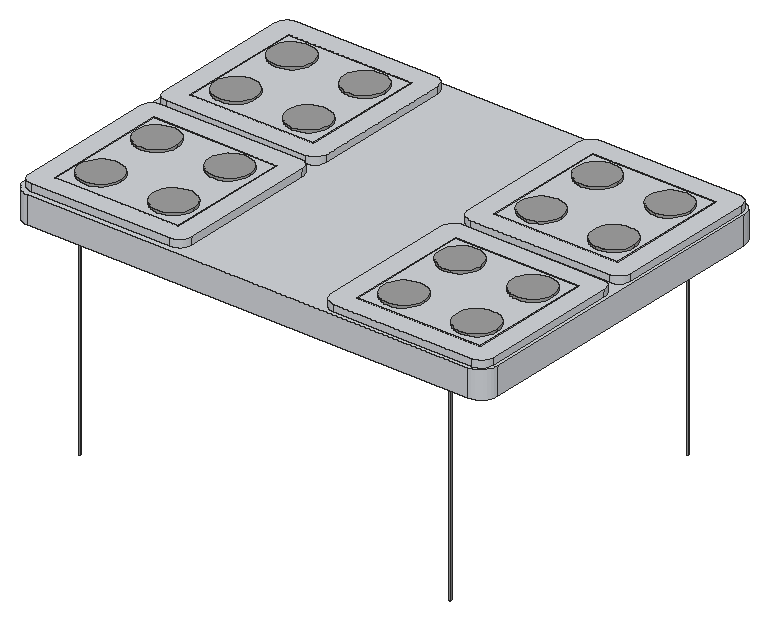
Revit family "Lighting-Industriale-GEWISS-SMART[4]HT_APPARECCHI-LED_3M", category Apparecchi per illuminazione, Revit 2019
Family settings
  Quota connettore circolare = Usa diametro
  Tipo di parte = Normale
  Numero OmniClass = 23.80.70.00
  Titolo OmniClass = Lighting
  Basato su piano di lavoro = Sì
  Sempre verticale = No
  Taglio con vuoti quando caricato = No
  Sorgente d'illuminazione = No
  Condiviso = No
  Punto di calcolo locali = No
Parameters (values of type "GWS4420CQ857 - SMART4HB 4M ST.AL.ON/OFF HT ELL.57K")
  Voltaggio = 230 V
  Viti esterne = "Acciaio inox"
  Versione file RFA = "20.11"
  Vano di alimentazione = "Integrato"
  URL = "https://www.gewiss.com/it/it"
  Tolleranza cromatica = "SDCM = 3"
  Tipologia sorgente luminosa = "LED - Non sostituibile"
  Tipo di installazione e montaggio = "Plafone - Parete - Sospensione"
  Tipo di apparecchio = "Riflettore industriale a LED&nbsp;"
  Tensione di alimentazione = "220 - 240 V"
  Temperatura di stoccaggio = "-40 +70 °C"
  Temperatura di esercizio = "-30°C ÷ +60 °C"
  Temperatura di colore = "5700K"
  Superficie massima esposta al vento : = "0,350 m²"
  Spostamento_y_etichetta [instance] = 0 mm
  Spostamento_y_effettivo_etichetta [instance] = 1500 mm - Spostamento_y_etichetta  # 1500 mm
  Spostamento_x_etichetta [instance] = 0 mm
  Spostamento_x_effettivo_etichetta [instance] = 1500 mm - Spostamento_x_etichetta  # 1500 mm
  SostituibilitÃ  piastra di cablaggio = "Non sostituibile"
  SostituibilitÃ  gruppo ottico = "Non sostituibile"
  Sistema di controllo : = "ON / OFF"
  Sistema di controllo = "ON / OFF"
  Schermo = "Vetro Temprato Spessore 4mm"
  Scheda Tecnica = "https://www.gewiss.com/it/it/search?q=GWS4420CQ857"
  SEO = "High bay"
  Resistenza al filo incandescente = "850 °C"
  Resistenza agli urti = "IK08"
  Produttore = "GEWISS S.p.A."
  Potenza di sistema = "189W"
  Peso (kg): = "13,5"
  Ottica = "Ellittica"
  Offset etichetta W [instance] = 150 mm
  Norma di riferimento = "EN 60598-1 ; EN 60598-2-1 ; EN 60598-2-24"
  Modello = "GWS4420CQ857"
  Materiali = "-"
  Lumen output (lm) = "25100"
  Lampada = "LED"
  Installazione e manutenzione = "-"
  Informazioni generali = "-"
  Indice di resa cromatica = "CRI-80"
  Inclinazione = "Con accessorio staffa"
  Immagine tipo = GWL1371.jpg
  IPEA = "-"
  IFC.TypeObject = ""
  IFC.ExportType = ""
  IFC.ExportAs = ""
  IDT = "2b22b49849d64f60bc51ff7354190d7a"
  IDF = "86855d0c-1e55-43c0-94be-0575f1757c41"
  Guarnizioni = "tipo siliconico antinvecchiamento "
  Gruppo ottico = "Riflettore in PC metallizzato e lenti in PMMA"
  Grado di protezione = "IP66"
  Garanzia = "5 anni"
  Gancio di chiusura = "-"
  Frequenza nominale (Hz) = "50/60 Hz"
  Fissaggio = "-"
  Finitura colore = "Grigio RAL 7035"
  Etichetta wattaggio [instance] = yes
  Spessore plafoniera = 40 mm  # constant formula
  Default Elevation = 1219.2 mm
  Proiettsmart4_simb [instance] = yes
  Plafoniera_bidimensionale [instance] = not(Proiettsmart4_simb)  # no
  Efficienza luminosa (lm/W) = "133"
  Durata di vita = "L90B10 (Tq+25°C) = 100.000 h - L90B10 (Tq+60°C) = 50.000 h"
  Dispositivo di protezione = "DM 6 kV / CM 10 kV"
  Descrizione = "SMART[4]HB 4M ST.AL.ON/OFF HT ELL.57K"
  Creato da GEWISS S.p.A. = ""
  Corpo = "PA6 “Halogen Free” caricato fibra vetro"
  Controllo abbagliamento e luminanza = "-"
  Contesto = "Illuminazione di logistiche e locali produttivi industriali"
  Commenti sul wattaggio = "194W"
  Colore = "Grigio RAL 7035"
  Codice digitale univoco (Datamatrix) = "Datamatrix"
  Codice Electrocod = "2444"
  Classificazione: = "-"
  Classificazione = Lighting
  Classe isolamento = "I"
  Classe fotobiologica = "RG0"
  Certificazioni e classificazioni = "-"
  Certificazione DIN 18032-3 = "-"
  Catalogo = "LIGHTING"
  Carico apparente = 194 VA
  Lunghezza = 700 mm  # constant formula
  Larghezza = 504 mm  # constant formula
  Distanza_tot_plafoniera [instance] = 300 mm
  Distanza Sorg_Lum = 21.458 mm
  Caratteristiche ottiche e illuminotecniche = "-"
  Caratteristiche elettriche e gestione della luce = "-"
  Cablaggio = "Con connettore stagno Gw connect"
  COBie.Tagnumber = ""
  COBie.CreatedOn = ""
  COBie.CreatebBy = ""
  COBie.ComponentRegisterItemID = ""
  COBie.Component.TagNumber = ""
  COBie.Component.Space = ""
  COBie.Component.SerialNumber = ""
  COBie.Component.InstallationDate = ""
  COBie.Component.Description = ""
  COBie.Component.BarCode = ""
  Applicazione = "Interno"
  Apparecchio a ridotta temperatura superficiale = "Si"
  Alimentatore = "Incluso"
Types (8, lengths in mm): name | Temperatura di colore | Scheda Tecnica | SEO | Ottica | Modello | Lumen output (lm) | IDT | Gruppo ottico | Efficienza luminosa (lm/W) | Descrizione | Controllo abbagliamento e luminanza
  GWS4420CH840 - SMART4HB 4M ST.AL.ON/OFF HT 60° 40K | "4000K" | "https://www.gewiss.com/it/it/search?q=GWS4420CH840" | "" | "60°" | "GWS4420CH840" | "28100" | "9a60cd01c4644df29e8f6974e4e0689c" | "Riflettore in PC metallizzato e lenti in PMMA" | "149" | "SMART[4]HB 4M ST.AL.ON/OFF HT 60° 40K" | "UGR - 19"
  GWS4420CH857 - SMART4HB 4M ST.AL.ON/OFF HT 60° 57K | "5700K" | "https://www.gewiss.com/it/it/search?q=GWS4420CH857" | "" | "60°" | "GWS4420CH857" | "28100" | "64ea5da1e8a54a7ebc18f24b4f160287" | "Riflettore in PC metallizzato e lenti in PMMA" | "149" | "SMART[4]HB 4M ST.AL.ON/OFF HT 60° 57K" | "UGR - 19"
  GWS4420CP840 - SMART4HB 4M ST.AL.ON/OFF HT 90° 40K | "4000K" | "https://www.gewiss.com/it/it/search?q=GWS4420CP840" | "" | "90°" | "GWS4420CP840" | "28300" | "e6b25d619d354fec8c59bd166d8cef41" | "Riflettore in PC metallizzato e lenti in PMMA" | "150" | "SMART[4]HB 4M ST.AL.ON/OFF HT 90° 40K" | "UGR - 22"
  GWS4420CP857 - SMART4HB 4M ST.AL.ON/OFF HT 90° 57K | "5700K" | "https://www.gewiss.com/it/it/search?q=GWS4420CP857" | "" | "90°" | "GWS4420CP857" | "28300" | "8e9812c791d746d8ad976da24d6f04c4" | "Riflettore in PC metallizzato e lenti in PMMA" | "150" | "SMART[4]HB 4M ST.AL.ON/OFF HT 90° 57K" | "UGR - 22"
  GWS4420CA840 - SMART4HB 4M ST.AL.ON/OFF HT ARR.40K | "4000K" | "https://www.gewiss.com/it/it/search?q=GWS4420CA840" | "High bay" | "Array" | "GWS4420CA840" | "28000" | "d776d177cc774e7eb1565b55874a6e40" | "Riflettore in PC metallizzato" | "148" | "SMART[4]HB 4M ST.AL.ON/OFF HT ARR.40K" | "UGR - 25"
  GWS4420CA857 - SMART4HB 4M ST.AL.ON/OFF HT ARR.57K | "5700K" | "https://www.gewiss.com/it/it/search?q=GWS4420CA857" | "High bay" | "Array" | "GWS4420CA857" | "28000" | "6b75454b67f346968de9a33a1453fd10" | "Riflettore in PC metallizzato" | "148" | "SMART[4]HB 4M ST.AL.ON/OFF HT ARR.57K" | "UGR - 25"
  GWS4420CQ840 - SMART4HB 4M ST.AL.ON/OFF HT ELL.40K | "4000K" | "https://www.gewiss.com/it/it/search?q=GWS4420CQ840" | "High bay" | "Ellittica" | "GWS4420CQ840" | "25100" | "6f7f3fbc116a4448bf1e36074b36040e" | "Riflettore in PC metallizzato e lenti in PMMA" | "133" | "SMART[4]HB 4M ST.AL.ON/OFF HT ELL.40K" | "-"
  GWS4420CQ857 - SMART4HB 4M ST.AL.ON/OFF HT ELL.57K | "5700K" | "https://www.gewiss.com/it/it/search?q=GWS4420CQ857" | "High bay" | "Ellittica" | "GWS4420CQ857" | "25100" | "2b22b49849d64f60bc51ff7354190d7a" | "Riflettore in PC metallizzato e lenti in PMMA" | "133" | "SMART[4]HB 4M ST.AL.ON/OFF HT ELL.57K" | "-"
Reference planes
  plane 1 "Asse sorgente illuminazione (F/B)": y = 0
  plane 2 "2": z = 0
  plane 3 "Asse sorgente illuminazione (L/R)": x = 0
  plane 4 "Prospetto sorgente di illuminazione": z = 1500
  plane 5: x = -350
  plane 6: y = 252
  plane 7: x = 350
  plane 8: y = -252
  plane 9: x = 345
  plane 10: x = -345
  plane 11: x = -104.5
  plane 12: x = 104.5
  plane 13: y = 0
  plane 14: y = -1500
  plane 15: z = 300
  plane 16: z = 340
  plane 17: z = 350
  plane 18: x = -1500
  plane 19: x = 0
  plane 20: y = 0
Dimensions and locks
  equal spacing: plane 6, plane 1 "Asse sorgente illuminazione (F/B)", plane 8
  "Larghezza": plane 6 to plane 8
  equal spacing: plane 5, plane 3 "Asse sorgente illuminazione (L/R)", plane 7
  "Lunghezza": plane 5 to plane 7
  locked: plane 5 to plane 10 at 5
  locked: plane 9 to plane 7 at 5
  locked: plane 16 to plane 15 at 40
  plane 17 to plane 16 = 10 mm
  "Distanza_tot_plafoniera": plane 15 to plane 2 "2"
  plane 18 to plane 3 "Asse sorgente illuminazione (L/R)" = 1500 mm
  plane 1 "Asse sorgente illuminazione (F/B)" to plane 14 = 1500 mm
  "Spostamento_y_effettivo_etichetta": plane 20 to plane 14
  "Spostamento_x_effettivo_etichetta": plane 18 to plane 19
  aligned and locked: level to plane 2 "2"
  aligned and locked: plane 5 to nested 1
  aligned and locked: plane 6 to nested 1
  aligned and locked: plane 9 to nested 2  (x2)
  aligned and locked: plane 10 to nested 12
  aligned and locked: nested 1 to plane 15
  aligned and locked: nested 17 to plane 16
  aligned and locked: plane 16 to nested 12
  aligned and locked: plane 16 to nested 7
  aligned and locked: nested 2 to plane 16
  aligned and locked: plane 17 to nested 19
  aligned and locked: nested 21 to plane 17
  aligned and locked: plane 17 to nested 16
  aligned and locked: nested 14 to plane 17
  aligned and locked: plane 17 to nested 18
  aligned and locked: nested 20 to plane 17
  aligned and locked: plane 17 to nested 15
  aligned and locked: nested 13 to plane 17
  aligned and locked: nested 8 to plane 17
  aligned and locked: plane 17 to nested 10
  aligned and locked: nested 5 to plane 17
  aligned and locked: plane 17 to nested 3
  aligned and locked: nested 9 to plane 17
  aligned and locked: plane 17 to nested 11
  aligned and locked: nested 6 to plane 17
  aligned and locked: plane 17 to nested 4
  aligned and locked: nested 22 to plane 2 "2"
  aligned and locked: nested 23 to plane 2 "2"
  aligned and locked: nested 24 to plane 2 "2"
  aligned and locked: nested 25 to plane 2 "2"
  aligned and locked: nested 28 to plane 20
  aligned and locked: nested 28 to plane 19
Nested families
  nested 1: "Struttura_SMART 4" at (0, 0, 340), type "SMART 4 HB - 4 x 4L"
  nested 2: "mascherina_SMART (4)" at (225, 127, 350), type "Maschera_smart (4) 4L", detail levels fine
  nested 3: "Gewis - Led" at (172.217, 179, 353), type "Gewis - Led", detail levels medium+fine
  nested 4: "Gewis - Led" at (280, 179, 353), type "Gewis - Led", detail levels medium+fine
  nested 5: "Gewis - Led" at (172.217, 75, 353), type "Gewis - Led", detail levels medium+fine
  nested 6: "Gewis - Led" at (280, 75, 353), type "Gewis - Led", detail levels medium+fine
  nested 7: "mascherina_SMART (4)" at (225, -127, 350), type "Maschera_smart (4) 4L", detail levels fine
  nested 8: "Gewis - Led" at (172.217, -179, 353), type "Gewis - Led", detail levels medium+fine
  nested 9: "Gewis - Led" at (280, -179, 353), type "Gewis - Led", detail levels medium+fine
  nested 10: "Gewis - Led" at (172.217, -75, 353), type "Gewis - Led", detail levels medium+fine
  nested 11: "Gewis - Led" at (280, -75, 353), type "Gewis - Led", detail levels medium+fine
  nested 12: "mascherina_SMART (4)" at (-225, 127, 350) x (-1, 0, 0) z (0, 0, 1), type "Maschera_smart (4) 4L", detail levels fine
  nested 13: "Gewis - Led" at (-172.217, 179, 353) x (-1, 0, 0) z (0, 0, 1), type "Gewis - Led", detail levels medium+fine
  nested 14: "Gewis - Led" at (-280, 179, 353) x (-1, 0, 0) z (0, 0, 1), type "Gewis - Led", detail levels medium+fine
  nested 15: "Gewis - Led" at (-172.217, 75, 353) x (-1, 0, 0) z (0, 0, 1), type "Gewis - Led", detail levels medium+fine
  nested 16: "Gewis - Led" at (-280, 75, 353) x (-1, 0, 0) z (0, 0, 1), type "Gewis - Led", detail levels medium+fine
  nested 17: "mascherina_SMART (4)" at (-225, -123, 350) x (-1, 0, 0) z (0, 0, 1), type "Maschera_smart (4) 4L", detail levels fine
  nested 18: "Gewis - Led" at (-172.217, -175, 353) x (-1, 0, 0) z (0, 0, 1), type "Gewis - Led", detail levels medium+fine
  nested 19: "Gewis - Led" at (-280, -175, 353) x (-1, 0, 0) z (0, 0, 1), type "Gewis - Led", detail levels medium+fine
  nested 20: "Gewis - Led" at (-172.217, -71, 353) x (-1, 0, 0) z (0, 0, 1), type "Gewis - Led", detail levels medium+fine
  nested 21: "Gewis - Led" at (-280, -71, 353) x (-1, 0, 0) z (0, 0, 1), type "Gewis - Led", detail levels medium+fine
  nested 22: "Sospensione_ SMART LAB 4" at (274.338, -220.687, 0), Altezza sospensione <- "Distanza_tot_plafoniera", type "Sospensione_ SMART LAB 4"
    with Altezza sospensione 300 mm
  nested 23: "Sospensione_ SMART LAB 4" at (274.338, 219.313, 0), Altezza sospensione <- "Distanza_tot_plafoniera", type "Sospensione_ SMART LAB 4"
    with Altezza sospensione 300 mm
  nested 24: "Sospensione_ SMART LAB 4" at (-274.338, -220.687, 0), Altezza sospensione <- "Distanza_tot_plafoniera", type "Sospensione_ SMART LAB 4"
    with Altezza sospensione 300 mm
  nested 25: "Sospensione_ SMART LAB 4" at (-274.338, 219.313, 0), Altezza sospensione <- "Distanza_tot_plafoniera", type "Sospensione_ SMART LAB 4"
    with Altezza sospensione 300 mm
  nested 26: "Rappr_ bidimensionale" at (0, 0, 0), visible <- "Plafoniera_bidimensionale", type "4 X4 LED"
  nested 27: "PROIETTSMART - 4" at (0, 0, 0), visible <- "Proiettsmart4_simb", type "PROIETTSMART - 4"
  nested 28: "ETICHETTA LIGHT" at (0, 0, 0), type "ETICHETTA LIGHT"
Connectors
  electrical at (0.009, -0.098, 300), driven by "Classificazione", driven by "Carico apparente"
    settings: on nested 1, index 1, voltage 230 V, apparent load 0 VA, apparent load phase1 194 VA, apparent load phase2 0 VA, apparent load phase3 0 VA, power factor 1, load classification "Lighting", number of poles 2, system type 31, power factor state 1, is connector primary yes, connector utility no, sub classification motor no, connector description ""
Definition of nested family "Struttura_SMART 4"
  Parameters (values of type "SMART 4 HB - 4 x 4L")
    Struttura plafoniera = none
    Spessore_plafoniera = 40 mm
    Lunghezza = 700 mm
    Larghezza = 504 mm
  Types (2, lengths in mm): name | Lunghezza | Larghezza
    SMART 4 HB - 4+4L | 699 | 254
    SMART 4 HB - 4 x 4L | 700 | 504
  Reference planes
    plane 1 "Asse sorgente illuminazione (F/B)": y = 0
    plane 2: z = 0
    plane 3 "Asse sorgente illuminazione (L/R)": x = 0
    plane 4 "Prospetto sorgente di illuminazione": z = -40
    plane 5 "SX": x = -350
    plane 6 "DX": x = 350
    plane 7 "DIETRO": y = 252
    plane 8 "AVANTI": y = -252
    plane 9: x = 107
    plane 10: x = 339
    plane 11: y = -241
    plane 12: y = 241
    plane 13: x = -339
    plane 14: x = -107
  Forms (mm)
    Extrusion 1, solid, material <- "Struttura plafoniera"
      sketch origin (0, 0, 0) x (1, 0, 0) y (0, 1, 0)
        loop
          line (350, -227.595) -> (350, 227.59)
          arc (350, 227.59) -> (342.85, 244.85) -> (325.59, 252) r 24.41
          line (325.59, 252) -> (-325.509, 252)
          arc (-325.509, 252) -> (-343.054, 244.6) -> (-350, 226.871) r 24.499
          line (-350, 226.871) -> (-350, -227.592)
          arc (-350, -227.592) -> (-342.851, -244.851) -> (-325.592, -252) r 24.408
          line (-325.592, -252) -> (325.617, -252)
          arc (325.617, -252) -> (342.834, -244.868) -> (349.965, -227.652) r 24.348
      from -40 to 0
  Dimensions and locks
    equal spacing: plane 5 "SX", plane 3 "Asse sorgente illuminazione (L/R)", plane 6 "DX"
    equal spacing: plane 7 "DIETRO", plane 1 "Asse sorgente illuminazione (F/B)", plane 8 "AVANTI"
    "Lunghezza": plane 5 "SX" to plane 6 "DX"
    "Larghezza": plane 7 "DIETRO" to plane 8 "AVANTI"
    locked: plane 7 "DIETRO" to plane 12 at 11
    locked: plane 11 to plane 8 "AVANTI" at 11
    locked: plane 10 to plane 6 "DX" at 11
    locked: plane 9 to plane 10 at 232
    plane 13 to plane 14 = 232 mm
    locked: plane 5 "SX" to plane 13 at 11
    "Spessore_plafoniera": plane 2 to plane 4 "Prospetto sorgente di illuminazione"
    aligned and locked: level to plane 2
    aligned and locked: Extrusion 1 to plane 5 "SX"
    aligned and locked: Extrusion 1 to plane 8 "AVANTI"  (x2)
    aligned and locked: plane 7 "DIETRO" to Extrusion 1
    aligned and locked: plane 6 "DX" to Extrusion 1
    aligned and locked: plane 4 "Prospetto sorgente di illuminazione" to Extrusion 1
    aligned and locked: plane 2 to Extrusion 1
  Automatic sketch dimensions
    Extrusion 1 sketch curve to plane 5 "SX" = 0 mm
    Extrusion 1 sketch curve to plane 8 "AVANTI" = 0 mm
    Extrusion 1 sketch curve to plane 7 "DIETRO" = 0 mm
    Extrusion 1 sketch curve to plane 6 "DX" = 0 mm
    plane 13 to Extrusion 1 sketch curve = 13.408 mm
    plane 13 to Extrusion 1 sketch curve = 13.491 mm
    Extrusion 1 sketch curve to plane 10 = 13.41 mm
    Extrusion 1 sketch curve to plane 10 = 13.383 mm
    plane 11 to Extrusion 1 sketch curve = 13.348 mm
    Extrusion 1 sketch curve to plane 12 = 14.129 mm
    Extrusion 1 sketch curve to Extrusion 1 sketch curve = 0.056 mm
Definition of nested family "mascherina_SMART (4)"
  Parameters (values of type "Maschera_smart (4) 4L")
    Spessore_mascherina = 10 mm
    Default Elevation = 1219.2 mm
    N.intarsi = (Lunghezza_mascherina - (Bordo * 2)) / 15 mm  # 12
    N._intarsi verticale = (Larghezza_mascherina - (Bordo * 2)) / 17 mm  # 11
    Mascherina = none
    Lunghezza_mascherina = 240 mm
    Larghezza_mascherina = 240 mm
    Distanza_intarsi v. = 41 mm  # constant formula
    Distanza_intarsi = 37 mm  # constant formula
    Bordo = 29 mm
  Reference planes
    plane 1 "Centro (Fronte/Retro)": y = 0
    plane 2: z = 0
    plane 3 "Centro (Sinistra/Destra)": x = 0
    plane 4: x = -120
    plane 5 "Dietro": y = 120
    plane 6: x = 120
    plane 7: y = -120
    plane 8: x = -91
    plane 9: y = -91
    plane 10: x = 91
    plane 11: y = 91
    plane 12: x = -83
    plane 13: y = 94.742
    plane 14: y = -95
    plane 15: z = -10
    plane 16: x = -95
    plane 17: y = 79
    plane 18: y = -79
    plane 19: x = 95
    plane 20: z = -4.799
  Forms (mm)
    Extrusion 1, solid, material <- "Mascherina"
      sketch origin (0, 0, 0) x (1, 0, 0) y (0, 1, 0)
        loop
          arc (-102.5, 120) -> (-114.874, 114.874) -> (-120, 102.5) r 17.5
          line (-120, 102.5) -> (-120, -102.5)
          arc (-120, -102.5) -> (-114.874, -114.874) -> (-102.5, -120) r 17.5
          line (-102.5, -120) -> (102.5, -120)
          arc (102.5, -120) -> (114.874, -114.874) -> (120, -102.5) r 17.5
          line (120, -102.5) -> (120, 102.5)
          arc (120, 102.5) -> (114.874, 114.874) -> (102.5, 120) r 17.5
          line (102.5, 120) -> (-102.5, 120)
        loop
          line (-91, 91) -> (-91, -91) -> (91, -91) -> (91, 91) -> (-91, 91)
      from -10 to 0
    Extrusion 2, solid, material <- "Mascherina"
      sketch origin (0, 0, 0) x (1, 0, 0) y (0, 1, 0)
        loop
          line (-91, 91) -> (-91, -91) -> (91, -91) -> (91, 91) -> (-91, 91)
      from -4.799 to 0
  Dimensions and locks
    equal spacing: plane 4, plane 3 "Centro (Sinistra/Destra)", plane 6
    "Lunghezza_mascherina": plane 4 to plane 6
    equal spacing: plane 5 "Dietro", plane 1 "Centro (Fronte/Retro)", plane 7
    "Larghezza_mascherina": plane 5 "Dietro" to plane 7
    "Bordo": plane 4 to plane 8
    "Bordo": plane 9 to plane 7
    "Bordo": plane 5 "Dietro" to plane 11
    "Bordo": plane 10 to plane 6
    "Distanza_intarsi": plane 4 to plane 12
    locked: plane 13 to plane 11 at 3.742
    "Spessore_mascherina": plane 2 to plane 15
    "Distanza_intarsi v.": plane 5 "Dietro" to plane 17
    "Distanza_intarsi v.": plane 18 to plane 7
    locked: plane 9 to plane 14 at 4
    locked: plane 16 to plane 8 at 4
    locked: plane 10 to plane 19 at 4
    locked: plane 2 to plane 20 at 4.799
    radius of Extrusion 1 sketch curve = 17.5 mm  (x4)
    aligned and locked: level to plane 2
    aligned and locked: plane 4 to Extrusion 1 sketch curve
    aligned and locked: plane 6 to Extrusion 1 sketch curve
    aligned and locked: Extrusion 1 sketch curve to plane 5 "Dietro"
    aligned and locked: Extrusion 1 sketch curve to plane 7
    aligned and locked: Extrusion 1 sketch curve to plane 11
    aligned and locked: plane 8 to Extrusion 1 sketch curve
    aligned and locked: plane 9 to Extrusion 1 sketch curve
    aligned and locked: Extrusion 1 sketch curve to plane 10
    aligned and locked: plane 2 to Extrusion 1
    aligned and locked: Extrusion 1 to plane 15
    aligned and locked: Extrusion 2 sketch curve to plane 10
    aligned and locked: plane 9 to Extrusion 2 sketch curve
    aligned and locked: plane 8 to Extrusion 2 sketch curve
    aligned and locked: Extrusion 2 sketch curve to plane 11
    aligned and locked: plane 2 to Extrusion 2
    aligned and locked: Extrusion 2 to plane 20
Definition of nested family "Gewis - Led"
  Parameters (values of type "Gewis - Led")
    Vetro = none
    Raggio led = 30 mm
    Default Elevation = 1219.2 mm
    Estensione vetro = 3 mm
  Reference planes
    plane 1 "Centro (Fronte/Retro)": y = 0
    plane 2: z = 0
    plane 3 "Centro (Sinistra/Destra)": x = 0
  Forms (mm)
    Extrusion 1, solid, material <- "Vetro"
      sketch origin (0, 0, 0) x (1, 0, 0) y (0, 1, 0)
        loop
          circle (0, 0) r 30
      from -3 to 0
  Dimensions and locks
    "Estensione vetro": level to Extrusion 1
    "Raggio led": radius of Extrusion 1 sketch curve
    aligned and locked: level to plane 2
    aligned and locked: level to Extrusion 1
  Automatic sketch dimensions
    plane 1 "Centro (Fronte/Retro)" to Extrusion 1 sketch curve = 0 mm
    Extrusion 1 sketch curve to plane 3 "Centro (Sinistra/Destra)" = 0 mm
Definition of nested family "Sospensione_ SMART LAB 4"
  Parameters (values of type "Sospensione_ SMART LAB 4")
    Default Elevation = 1219.2 mm
    Altezza sospensione [instance] = 500 mm
  Reference planes
    plane 1 "Center (Front/Back)": y = 0
    plane 2: z = 0
    plane 3 "Center (Left/Right)": x = 0
    plane 4: z = 500
  Forms (mm)
    Extrusion 1, solid
      sketch origin (0, 0, 0) x (1, 0, 0) y (0, 1, 0)
        loop
          circle (0, -0.028) r 1.25
      from 0 to 500
  Lines and regions (mm)
    model lines, not visible
      curve 1: line (0, 0, 0) -> (0, 0, 9.482)
  Dimensions and locks
    "Altezza sospensione": plane 4 to level
    plane 4 to plane 2 = 500 mm
    aligned and locked: level to plane 2
    aligned and locked: plane 4 to Extrusion 1
    aligned and locked: Extrusion 1 to plane 2
  Automatic sketch dimensions
    Extrusion 1 sketch curve to plane 3 "Center (Left/Right)" = 0 mm
    plane 1 "Center (Front/Back)" to Extrusion 1 sketch curve = 0.028 mm
    curve 1 to plane 3 "Center (Left/Right)" = 0 mm
    curve 1 to level = 0 mm
    curve 1 to curve 1 = 9.482 mm
    radius of Extrusion 1 sketch curve = 1.25 mm
Definition of nested family "Rappr_ bidimensionale"
  Parameters (values of type "4 X4 LED")
    5 LED = no
    4 LED = not([5 LED])  # yes
  Reference planes
    plane 1 "Centro (Fronte/Retro)": y = 0
    plane 2: z = 0
    plane 3 "Centro (Sinistra/Destra)": x = 0
  Lines and regions (mm)
    model lines, in view "Livello rif.", visible <- "4 LED"
      curve 1: circle (176.124, 171.566, 0) r 28.619 normal (0, 0, 1)
      curve 2: circle (270.124, 77.566, 0) r 28.619 normal (0, 0, 1)
      curve 3: circle (176.124, 77.566, 0) r 28.619 normal (0, 0, 1)
      curve 4: circle (270.124, 171.566, 0) r 28.619 normal (0, 0, 1)
      curve 5: circle (-175.025, 77.434, 0) r 28.619 normal (0, 0, 1)
      curve 6: circle (-269.025, 171.434, 0) r 28.619 normal (0, 0, 1)
      curve 7: circle (-175.025, 171.434, 0) r 28.619 normal (0, 0, 1)
      curve 8: circle (-269.025, 77.434, 0) r 28.619 normal (0, 0, 1)
      curve 9: circle (-175.025, -171.611, 0) r 28.619 normal (0, 0, 1)
      curve 10: circle (-269.025, -77.611, 0) r 28.619 normal (0, 0, 1)
      curve 11: circle (-175.025, -77.611, 0) r 28.619 normal (0, 0, 1)
      curve 12: circle (-269.025, -171.611, 0) r 28.619 normal (0, 0, 1)
      curve 13: circle (176.124, -77.434, 0) r 28.619 normal (0, 0, 1)
      curve 14: circle (270.124, -171.434, 0) r 28.619 normal (0, 0, 1)
      curve 15: circle (176.124, -171.434, 0) r 28.619 normal (0, 0, 1)
      curve 16: circle (270.124, -77.434, 0) r 28.619 normal (0, 0, 1)
    model lines, in view "Livello rif."
      curve 17: arc (-326.07, 251.865, 0) -> (-342.562, 245.006, 0) -> (-349.39, 228.5, 0) r 23.365
      curve 18: arc (350.489, 228.546, 0) -> (343.613, 245.054, 0) -> (327.079, 251.865, 0) r 23.365
      curve 19: arc (327.098, -251.865, 0) -> (343.653, -245.015, 0) -> (350.489, -228.454, 0) r 23.365
      curve 20: arc (-349.39, -228.5, 0) -> (-342.555, -245.013, 0) -> (-326.05, -251.865, 0) r 23.365
      curve 21: arc (-102.728, -20.5, 0) -> (-107.214, -9.678, 0) -> (-118.041, -5.203, 0) r 15.297
      curve 22: arc (-118.041, 5.203, 0) -> (-107.214, 9.678, 0) -> (-102.728, 20.5, 0) r 15.297
      curve 23: arc (-118.041, -243.797, 0) -> (-107.214, -239.322, 0) -> (-102.728, -228.5, 0) r 15.297
      curve 24: arc (327.107, 5.203, 0) -> (337.947, 9.69, 0) -> (342.421, 20.535, 0) r 15.297
      curve 25: arc (103.827, 20.465, 0) -> (108.314, 9.677, 0) -> (119.107, 5.203, 0) r 15.297
      curve 26: arc (119.089, 243.797, 0) -> (108.308, 239.316, 0) -> (103.827, 228.535, 0) r 15.297
      curve 27: arc (342.421, 228.535, 0) -> (337.916, 239.341, 0) -> (327.089, 243.797, 0) r 15.297
      curve 28: arc (-341.321, 20.535, 0) -> (-336.859, 9.702, 0) -> (-326.041, 5.203, 0) r 15.297
      curve 29: arc (-326.059, 243.797, 0) -> (-336.865, 239.292, 0) -> (-341.321, 228.465, 0) r 15.297
      curve 30: arc (-102.728, 228.5, 0) -> (-107.22, 239.329, 0) -> (-118.059, 243.797, 0) r 15.297
      curve 31: arc (342.421, -20.465, 0) -> (337.922, -9.666, 0) -> (327.107, -5.203, 0) r 15.297
      curve 32: arc (327.107, -243.797, 0) -> (337.947, -239.31, 0) -> (342.421, -228.465, 0) r 15.297
      curve 33: arc (103.827, -228.535, 0) -> (108.314, -239.323, 0) -> (119.107, -243.797, 0) r 15.297
      curve 34: arc (119.107, -5.203, 0) -> (108.314, -9.677, 0) -> (103.827, -20.465, 0) r 15.297
      curve 35: arc (-341.321, -228.465, 0) -> (-336.859, -239.298, 0) -> (-326.041, -243.797, 0) r 15.297
      curve 36: arc (-326.041, -5.203, 0) -> (-336.859, -9.702, 0) -> (-341.321, -20.535, 0) r 15.297
      curve 37: line (130.624, 32, 0) -> (130.624, 217, 0)
      curve 38: line (130.624, 217, 0) -> (315.624, 217, 0)
      curve 39: line (315.624, 217, 0) -> (315.624, 32, 0)
      curve 40: line (315.624, 32, 0) -> (130.624, 32, 0)
      curve 41: line (-129.525, 32, 0) -> (-314.525, 32, 0)
      curve 42: line (-314.525, 32, 0) -> (-314.525, 217, 0)
      curve 43: line (-314.525, 217, 0) -> (-129.525, 217, 0)
      curve 44: line (-129.525, 217, 0) -> (-129.525, 32, 0)
      curve 45: line (-129.525, -217.045, 0) -> (-314.525, -217.045, 0)
      curve 46: line (-314.525, -217.045, 0) -> (-314.525, -32.045, 0)
      curve 47: line (-314.525, -32.045, 0) -> (-129.525, -32.045, 0)
      curve 48: line (-129.525, -32.045, 0) -> (-129.525, -217.045, 0)
      curve 49: line (130.624, -217, 0) -> (130.624, -32, 0)
      curve 50: line (130.624, -32, 0) -> (315.624, -32, 0)
      curve 51: line (315.624, -32, 0) -> (315.624, -217, 0)
      curve 52: line (315.624, -217, 0) -> (130.624, -217, 0)
      curve 53: line (-349.39, 228.5, 0) -> (-349.39, -228.5, 0)
      curve 54: line (327.079, 251.865, 0) -> (-326.07, 251.865, 0)
      curve 55: line (350.489, -228.454, 0) -> (350.489, 228.546, 0)
      curve 56: line (327.098, -251.865, 0) -> (-326.05, -251.865, 0)
      curve 57: line (-102.728, -228.5, 0) -> (-102.728, -20.5, 0)
      curve 58: line (-326.041, -5.203, 0) -> (-118.041, -5.203, 0)
      curve 59: line (-102.728, 20.5, 0) -> (-102.728, 228.5, 0)
      curve 60: line (-326.041, 5.203, 0) -> (-118.041, 5.203, 0)
      curve 61: line (119.107, 5.203, 0) -> (327.107, 5.203, 0)
      curve 62: line (103.827, 20.465, 0) -> (103.827, 228.535, 0)
      curve 63: line (119.089, 243.797, 0) -> (327.089, 243.797, 0)
      curve 64: line (342.421, 20.535, 0) -> (342.421, 228.535, 0)
      curve 65: line (-341.321, 20.535, 0) -> (-341.321, 228.465, 0)
      curve 66: line (-326.059, 243.797, 0) -> (-118.059, 243.797, 0)
      curve 67: line (119.107, -5.203, 0) -> (327.107, -5.203, 0)
      curve 68: line (342.421, -228.465, 0) -> (342.421, -20.465, 0)
      curve 69: line (119.107, -243.797, 0) -> (327.107, -243.797, 0)
      curve 70: line (103.827, -228.535, 0) -> (103.827, -20.465, 0)
      curve 71: line (-326.041, -243.797, 0) -> (-118.041, -243.797, 0)
      curve 72: line (-341.321, -228.465, 0) -> (-341.321, -20.535, 0)
    detail lines, in view "Livello rif.", visible <- "5 LED"
      curve 73: circle (-223.979, 122.48, 0) r 28.619 normal (0, 0, 1)
      curve 74: circle (-175.025, 77.434, 0) r 28.619 normal (0, 0, 1)
      curve 75: circle (-269.025, 171.434, 0) r 28.619 normal (0, 0, 1)
      curve 76: circle (-175.025, 171.434, 0) r 28.619 normal (0, 0, 1)
      curve 77: circle (-269.025, 77.434, 0) r 28.619 normal (0, 0, 1)
      curve 78: circle (176.124, 171.566, 0) r 28.619 normal (0, 0, 1)
      curve 79: circle (270.124, 77.566, 0) r 28.619 normal (0, 0, 1)
      curve 80: circle (176.124, 77.566, 0) r 28.619 normal (0, 0, 1)
      curve 81: circle (270.124, 171.566, 0) r 28.619 normal (0, 0, 1)
      curve 82: circle (-175.025, -171.611, 0) r 28.619 normal (0, 0, 1)
      curve 83: circle (-269.025, -77.611, 0) r 28.619 normal (0, 0, 1)
      curve 84: circle (-175.025, -77.611, 0) r 28.619 normal (0, 0, 1)
      curve 85: circle (-269.025, -171.611, 0) r 28.619 normal (0, 0, 1)
      curve 86: circle (176.124, -77.434, 0) r 28.619 normal (0, 0, 1)
      curve 87: circle (270.124, -171.434, 0) r 28.619 normal (0, 0, 1)
      curve 88: circle (176.124, -171.434, 0) r 28.619 normal (0, 0, 1)
      curve 89: circle (270.124, -77.434, 0) r 28.619 normal (0, 0, 1)
      curve 90: circle (-221.479, -125.02, 0) r 28.619 normal (0, 0, 1)
      curve 91: circle (221.694, -125.02, 0) r 28.619 normal (0, 0, 1)
      curve 92: circle (221.694, 124.956, 0) r 28.619 normal (0, 0, 1)
Definition of nested family "PROIETTSMART - 4"
  Reference planes
    plane 1 "Centro (Fronte/Retro)": y = 0
    plane 2: z = 0
    plane 3 "Centro (Sinistra/Destra)": x = 0
  Lines and regions (mm)
    model lines, in view "Livello rif."
      curve 1: line (134.982, -122.65, 0) -> (68.521, -89.561, 0)
      curve 2: line (68.521, -89.561, 0) -> (134.982, -56.075, 0)
      curve 3: line (134.982, -56.075, 0) -> (134.982, -122.65, 0)
      curve 4: line (68.521, -56.274, 0) -> (68.521, -122.849, 0)
      curve 5: line (68.521, -89.561, 0) -> (29.658, -89.561, 0)
      curve 6: line (134.982, -89.362, 0) -> (163.679, -89.362, 0)
      curve 7: line (198.934, -192.237, 0) -> (-201.066, -192.237, 0)
      curve 8: line (19.872, -13.139, 0) -> (172.718, -13.139, 0)
      curve 9: line (172.718, -13.139, 0) -> (172.718, -165.984, 0)
      curve 10: line (172.718, -165.984, 0) -> (19.872, -165.984, 0)
      curve 11: line (19.872, -165.984, 0) -> (19.872, -13.139, 0)
      curve 12: line (-59.74, -122.65, 0) -> (-126.201, -89.561, 0)
      curve 13: line (-126.201, -89.561, 0) -> (-59.74, -56.075, 0)
      curve 14: line (-59.74, -56.075, 0) -> (-59.74, -122.65, 0)
      curve 15: line (-126.201, -56.274, 0) -> (-126.201, -122.849, 0)
      curve 16: line (-126.201, -89.561, 0) -> (-165.064, -89.561, 0)
      curve 17: line (-59.74, -89.362, 0) -> (-31.043, -89.362, 0)
      curve 18: line (-174.85, -13.139, 0) -> (-22.005, -13.139, 0)
      curve 19: line (-22.005, -13.139, 0) -> (-22.005, -165.984, 0)
      curve 20: line (-22.005, -165.984, 0) -> (-174.85, -165.984, 0)
      curve 21: line (-174.85, -165.984, 0) -> (-174.85, -13.139, 0)
      curve 22: line (134.982, 56.449, 0) -> (68.521, 89.537, 0)
      curve 23: line (68.521, 89.537, 0) -> (134.982, 123.023, 0)
      curve 24: line (134.982, 123.023, 0) -> (134.982, 56.449, 0)
      curve 25: line (68.521, 122.824, 0) -> (68.521, 56.25, 0)
      curve 26: line (68.521, 89.537, 0) -> (29.658, 89.537, 0)
      curve 27: line (134.982, 89.736, 0) -> (163.679, 89.736, 0)
      curve 28: line (19.872, 165.96, 0) -> (172.718, 165.96, 0)
      curve 29: line (172.718, 165.96, 0) -> (172.718, 13.114, 0)
      curve 30: line (172.718, 13.114, 0) -> (19.872, 13.114, 0)
      curve 31: line (19.872, 13.114, 0) -> (19.872, 165.96, 0)
      curve 32: line (198.934, -192.237, 0) -> (198.934, 192.237, 0)
      curve 33: line (198.934, 192.237, 0) -> (-201.066, 192.237, 0)
      curve 34: line (-201.066, 192.237, 0) -> (-201.066, -192.237, 0)
      curve 35: line (-59.74, 56.449, 0) -> (-126.201, 89.537, 0)
      curve 36: line (-126.201, 89.537, 0) -> (-59.74, 123.023, 0)
      curve 37: line (-59.74, 123.023, 0) -> (-59.74, 56.449, 0)
      curve 38: line (-126.201, 122.824, 0) -> (-126.201, 56.25, 0)
      curve 39: line (-126.201, 89.537, 0) -> (-165.064, 89.537, 0)
      curve 40: line (-59.74, 89.736, 0) -> (-31.043, 89.736, 0)
      curve 41: line (-174.85, 165.96, 0) -> (-22.005, 165.96, 0)
      curve 42: line (-22.005, 165.96, 0) -> (-22.005, 13.114, 0)
      curve 43: line (-22.005, 13.114, 0) -> (-174.85, 13.114, 0)
      curve 44: line (-174.85, 13.114, 0) -> (-174.85, 165.96, 0)
Definition of nested family "ETICHETTA LIGHT"
  Parameters (values of type "ETICHETTA LIGHT")
    COMMENTI = "236W"
  Reference planes
    plane 1: y = 0
    plane 2: x = 0
  Text (mm)
    label "COMMENTI" at (-0.057, 0.105, 0), shows "COMMENTI"
